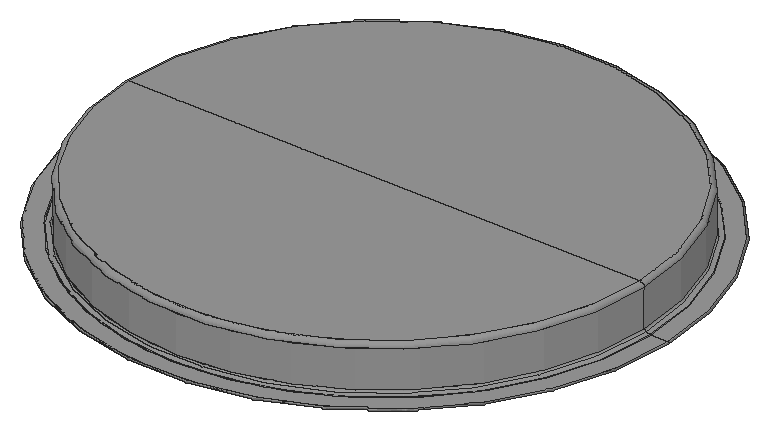
Revit family "MIA13_63_UN_Downlighter_ETK", category Lighting Fixtures, Revit 2017 (continued)
Definition of nested family "MIA.13 - Lightsource"
  Types (8, lengths in mm): name | Wattage | built-in parameter 1150134 | Photometric Web File | built-in parameter 1150142 | built-in parameter 1150105 | Lumens | built-in parameter 1150107 | built-in parameter 1150106
      8884 165.4661 159.6765 \r\n154.0902 148.9101 143.8315 138.9796 134.5183 130.0492 \r\n124.666 118.9624 113.2042 107.3834 101.5314 95.8903 90.9915 \r\n86.1005 80.9829 75.67 70.3414 64.966 59.575 54.1761 48.7694 \r\n43.3784 38.1358 33.4948 28.8538 24.1113 19.3062 14.6105 \r\n10.4461 6.6411 3.7425 2.8987 2.8362 2.7737 \r\n345.652 346.9724 346.7615 346.0974 344.9019 343.48 342.5268 \r\n342.2064 342.0111 341.9095 341.9408 341.972 340.9251 \r\n339.6828 338.0186 335.7997 333.2839 331.0337 329.3226 \r\n327.674 326.3927 325.502 324.5332 322.7283 320.6813 318.228 \r\n315.2434 312.0009 308.8601 305.9536 303.0471 300.6719 \r\n298.5389 296.3357 293.7495 290.9993 288.0381 284.7644 \r\n281.3267 277.6076 273.2479 268.8804 265.2082 261.7626 \r\n258.4733 255.4184 252.5041 249.1757 244.9879 240.6204 \r\n235.9637 230.8227 225.6895 221.1032 216.6966 212.5166 \r\n208.6726 205.0473 201.1642 196.3982 191.64 186.5146 \r\n181.1313 175.7481 170.6618 165.7083 160.8094 155.9809 \r\n151.1759 146.2614 140.972 135.6825 130.4321 125.1973 \r\n119.8844 114.2746 108.4772 102.7971 97.3826 92.0775 86.8896 \r\n82.0298 77.1779 71.8181 66.2317 60.661 55.2153 49.8789 \r\n44.5504 39.2531 33.9636 29.0882 24.6894 20.361 15.8684 \r\n11.2978 6.7193 2.133 0 0 0 \r\n345.652 344.9176 345.3629 345.9489 346.1286 345.8005 \r\n345.1988 344.23 342.5971 340.9876 339.6359 338.4874 \r\n337.4326 336.9873 336.7138 336.0966 335.0496 333.737 \r\n332.0416 329.5336 327.0255 324.2831 321.4626 318.9312 \r\n317.2748 316.0091 314.5011 312.626 310.5633 308.1256 \r\n304.977 301.8361 298.1014 294.1949 290.6399 287.7569 \r\n285.2567 282.7018 279.9984 277.2404 274.0761 270.3649 \r\n266.6536 262.6533 258.5749 254.4183 250.1602 245.8395 \r\n241.6986 238.1124 234.5261 230.8462 227.1115 223.244 \r\n218.6733 213.7667 208.7116 203.4143 198.0389 192.9057 \r\n188.4757 184.0534 179.8891 175.8497 171.5681 166.5208 \r\n160.9501 155.3168 149.5351 143.7612 138.3233 133.6354 \r\n128.9554 123.8612 118.5874 113.2042 107.6412 101.9533 \r\n96.3825 91.2649 86.1786 80.811 75.1543 69.4664 64.1066 \r\n58.9265 53.7229 48.4804 43.2299 38.0577 33.3229 28.5882 \r\n23.7284 18.7827 13.923 9.8133 6.2505 3.4846 2.5627 2.594 \r\n2.6252 \r\n345.652 346.4568 346.5193 346.488 346.1442 345.2848 \r\n344.1519 342.9018 341.4329 340.0188 339.1671 338.9874 \r\n338.7843 338.2374 337.5889 336.5732 335.034 333.2057 \r\n331.1977 328.7288 326.2521 324.0722 322.0408 320.1031 \r\n318.5327 317.1185 315.4778 313.462 311.2353 308.6647 \r\n305.2348 301.797 298.2811 294.7262 291.4681 288.9132 \r\n286.7958 284.4363 281.5845 278.5686 275.209 271.1852 \r\n267.1693 262.708 258.0827 253.7855 250.082 246.8005 \r\n243.4409 239.8312 236.2138 232.1041 227.5803 223.0096 \r\n218.5796 214.2199 209.6648 204.7582 199.6406 194.6558 \r\n190.2649 185.8661 181.6001 177.4045 173.0682 168.0444 \r\n162.5518 156.981 151.2384 145.4411 139.7765 134.5808 \r\n129.3851 124.4785 119.7359 114.8605 109.5945 103.9847 \r\n98.3202 92.4838 86.6005 81.1079 76.1544 71.2712 66.177 \r\n60.9657 55.7387 50.4727 45.1832 39.9641 35.3153 30.6743 \r\n25.838 20.8141 15.7903 11.4384 7.6022 3.7659 0 0 0 \r\n345.652 344.3941 343.5112 342.683 342.5346 342.9409 \r\n343.4409 343.6206 343.4018 343.0815 341.9017 340.4485 \r\n338.7765 336.6591 334.4324 332.8698 331.9322 331.0649 \r\n330.1195 329.0726 328.0334 326.0723 324.0409 321.6736 \r\n318.8999 315.9544 313.1104 310.3758 307.7506 305.5395 \r\n303.719 301.8283 299.1171 296.3044 293.2651 289.9914 \r\n286.5771 282.8893 278.7718 274.7402 271.3415 268.31 \r\n265.3098 262.4111 259.5437 256.1059 252.0353 247.6912 \r\n243.1206 238.1592 233.1979 229.1507 225.3223 221.4939 \r\n217.6108 213.7198 209.4773 204.766 199.9297 194.8824 \r\n189.5304 184.1785 179.4125 174.7637 170.0914 165.3879 \r\n160.661 155.7934 150.629 145.4723 140.4016 135.4246 \r\n130.3774 124.6113 118.6421 112.876 107.3756 102.0314 \r\n96.8904 92.2181 87.5459 82.233 76.6388 71.0134 65.4192 \r\n59.8484 54.3792 49.082 43.8941 38.9249 34.4558 29.9867 \r\n25.1113 20.0953 15.2746 10.9149 6.8521 3.8362 3.0393 2.6096 \r\n2.1799 \r\n345.652 343.1909 343.1362 343.4175 343.8941 344.4488 \r\n344.6363 344.2456 343.5503 342.5033 340.6047 338.6983 \r\n337.167 335.7762 334.6277 333.9792 333.6354 332.9557 \r\n331.5493 329.9555 327.9787 325.3379 322.7049 320.0719 \r\n317.4389 315.0559 313.1182 311.4775 309.7195 307.5553 \r\n305.391 302.8127 299.9062 296.9138 293.1948 289.1085 \r\n285.3504 282.1627 279.3187 276.4591 273.537 270.6227 \r\n267.3725 263.9269 260.2703 255.9575 251.1915 246.5896 \r\n242.3392 238.2452 234.3621 231.1118 227.8616 223.9237 \r\n219.6422 215.1106 210.1883 204.9301 199.7969 195.1168 \r\n190.5149 185.9833 181.5454 177.1232 172.3728 167.435 \r\n162.3486 156.981 151.379 145.8551 140.886 135.9169 130.7915 \r\n125.5332 120.2438 114.9777 109.7117 104.5316 99.5312 \r\n94.6246 89.6008 83.8034 77.9983 72.4353 67.0365 61.7939 \r\n56.981 52.5822 48.0506 42.9877 37.7451 32.5338 27.4162 \r\n22.3142 17.4936 12.8682 8.2897 3.7112 0 0 0 \r\n345.652 345.9255 345.8239 345.6676 345.1129 343.9878 \r\n342.5736 341.2767 340.2297 339.2531 338.7999 338.8624 \r\n338.8468 338.0498 337.0263 335.6903 333.948 331.9869 \r\n329.807 327.1506 324.4863 322.8143 321.5564 320.2985 \r\n318.8452 317.3139 315.3528 312.7588 309.8914 306.7271 \r\n302.9534 299.1796 296.281 293.6636 291.1946 288.9054 \r\n286.7255 284.1472 280.7485 277.1779 273.2479 268.7632 \r\n264.2785 260.4735 256.8873 253.4104 250.0977 246.8865 \r\n243.4565 239.2999 235.1356 230.8852 226.5646 222.1814 \r\n217.3607 212.3291 207.5162 203.094 198.9452 195.1715 \r\n192.7104 190.2571 187.8037 185.3426 180.6704 172.7869 \r\n163.2315 155.1449 149.9805 144.8238 139.8078 134.909 \r\n130.0102 125.1582 120.3219 115.1809 109.6258 103.8831 \r\n98.203 92.6791 87.1552 82.2408 77.592 72.8885 67.8491 \r\n62.6533 57.4029 52.0822 46.7458 41.4876 36.3935 31.2993 \r\n26.8068 22.533 18.3217 14.173 10.0555 6.7583 5.1801 3.8597 \r\n2.5393 \r\n345.652 345.8395 345.402 344.816 343.7925 342.5502 341.6048 \r\n341.1204 340.8782 340.6516 340.4641 340.2766 339.4718 \r\n338.3936 337.1045 335.3465 333.276 331.1821 329.057 326.963 \r\n325.2207 324.2597 323.2987 321.8689 320.2438 318.2983 \r\n315.7512 312.751 309.6414 306.1411 302.6174 299.8516 \r\n297.8592 295.9528 293.6323 291.1009 288.3038 285.0223 \r\n281.397 277.6467 273.287 268.9194 265.091 261.6298 258.278 \r\n255.059 251.9337 248.5897 244.7222 240.6047 236.4482 \r\n232.1197 227.7912 223.0956 218.1733 213.3135 208.8054 \r\n204.6332 200.4922 196.4997 192.5385 188.1788 183.1706 \r\n178.0764 172.6307 166.974 161.497 156.52 151.9962 147.449 \r\n142.6361 137.8155 132.7526 127.4396 122.0642 116.4857 \r\n110.7274 105.1488 100.0156 95.2184 90.4055 85.3739 80.3344 \r\n75.1856 69.9273 64.7004 59.8015 55.2465 50.6055 45.6129 \r\n40.4485 35.3856 30.6508 25.9552 21.6736 17.7123 13.8448 \r\n9.9773 6.1099 2.2424 0 \r\n345.652 342.644 342.5815 342.894 343.2456 343.6362 343.8862 \r\n343.6675 342.894 342.0267 340.4172 338.6436 336.9326 \r\n335.3543 333.8073 332.7291 332.0884 331.3696 330.2836 \r\n328.7991 327.3146 325.0332 322.7362 320.2125 317.4389 \r\n314.5715 312.0088 309.8133 307.6334 305.5551 303.5472 \r\n301.4689 298.9218 296.3122 293.1323 289.3976 285.4442 \r\n281.5532 277.7483 274.0527 271.1774 268.6929 265.9973 \r\n262.6455 259.1218 255.2699 251.0821 246.7302 242.1283 \r\n237.1513 232.1666 228.3772 224.7988 221.0954 217.1498 \r\n213.0948 208.7507 204.0003 199.2187 194.5074 189.8742 \r\n185.241 179.9906 174.6465 169.4976 164.63 159.9031 155.3168 \r\n150.9805 146.5818 141.6126 136.1825 130.7133 125.002 \r\n119.2124 113.6183 108.2506 103.0471 98.1249 93.7964 89.4601 \r\n84.3582 78.9905 73.6386 68.4428 63.3018 58.3796 53.762 \r\n49.2226 44.6285 39.9484 35.2606 30.6274 26.002 21.6111 \r\n17.6654 13.9855 10.579 7.7272 4.9457 2.1564 \r\n345.652 343.269 342.6518 342.2533 342.4096 342.9096 \r\n343.3081 343.3393 343.0268 342.5971 341.1517 339.6437 \r\n337.8936 335.8622 333.7683 332.5104 331.9244 331.2603 \r\n330.4086 329.4085 328.3069 326.0645 323.83 321.3298 \r\n318.6186 315.845 313.1573 310.5633 308.0944 306.1099 \r\n304.3597 302.4611 300.0781 297.6404 294.5308 290.8977 \r\n287.0927 283.1862 279.1702 275.2559 272.201 269.3492 \r\n266.4271 263.3956 260.3328 256.7076 252.5666 248.2616 \r\n243.6753 238.7843 233.9011 230.182 226.4943 222.7127 \r\n218.8296 214.884 210.618 205.9458 201.2657 196.5857 191.89 \r\n187.1396 181.9048 176.6154 171.5993 166.8568 162.1767 \r\n157.3326 152.2228 147.1443 142.2924 137.5342 132.5807 \r\n127.0177 121.2985 115.7981 110.5321 105.4223 100.5938 \r\n96.2106 91.8197 86.6318 81.2954 75.9825 70.7243 65.4973 \r\n60.6297 56.2466 51.8947 47.4334 42.8627 38.2921 33.737 \r\n29.1898 24.7519 20.4469 16.2044 11.9697 7.7272 3.4925 0 \r\n345.652 344.3628 344.5191 344.8629 344.7222 344.1206 \r\n343.269 342.0502 340.2844 338.628 337.7764 337.2842 336.831 \r\n336.4638 336.12 335.2606 333.862 332.2291 330.2992 327.9475 \r\n325.5957 323.1815 320.7594 318.6499 317.0716 315.7122 \r\n314.1574 312.3603 310.3992 307.8756 304.7113 301.5548 \r\n297.7811 293.9136 290.4446 287.4756 284.7644 282.1861 \r\n279.8422 277.4045 274.2089 270.4196 266.5443 262.122 \r\n257.5436 253.301 249.457 245.7926 242.1595 238.5733 \r\n234.9793 230.9165 226.7052 222.4549 218.1733 213.8761 \r\n209.2038 204.0003 198.7108 193.7417 189.3195 184.8973 \r\n180.3344 175.7325 171.0915 166.3958 161.6611 156.6294 \r\n150.9884 145.316 139.8469 134.6355 129.4164 124.8301 \r\n120.4391 115.759 110.6571 105.3051 99.9141 94.4293 88.9444 \r\n83.4987 78.0764 72.7791 68.2866 64.1769 59.8172 55.0668 \r\n50.1524 45.316 40.7297 36.1356 32.0025 28.0803 24.1816 \r\n20.2516 16.2903 12.4619 8.9226 5.4536 1.9923 \r\n345.652 346.3786 346.5661 346.7146 347.0193 347.3865 \r\n347.4412 346.9959 346.2614 345.2067 343.2299 341.2454 \r\n339.4718 337.7842 336.3388 335.5106 335.0809 334.3542 \r\n333.0026 331.4478 329.5336 326.8068 324.0878 321.072 \r\n317.9311 315.1652 313.1495 311.6806 310.0477 307.86 \r\n305.6333 302.8127 299.4218 295.945 292.2338 288.3975 \r\n284.7176 281.3423 278.1545 275.0059 272.0681 269.1304 \r\n265.5911 261.6611 257.6061 253.3948 249.0585 244.691 \r\n240.2453 235.784 231.4321 227.5334 223.6347 219.7125 \r\n215.7903 211.6337 206.8834 201.6017 196.3122 190.968 \r\n185.6161 180.7251 176.5529 172.4666 167.8256 162.8565 \r\n157.7389 152.4103 146.8865 141.3392 135.5887 129.8383 \r\n124.6738 120.1031 115.6575 110.8602 105.7739 100.7266 \r\n95.7653 90.8587 85.8739 80.186 74.4902 69.107 63.9581 \r\n58.9421 54.1917 49.7148 45.277 41.0188 36.8466 32.5807 \r\n28.0647 23.5175 19.3218 15.384 11.704 8.5632 6.0161 3.469 \r\n0.9219 \r\n345.652 348.9491 349.0663 348.7851 348.2381 347.1287 \r\n345.6754 344.3003 343.0815 341.9252 341.1595 341.0345 \r\n340.9173 340.1828 339.2374 337.9561 336.1513 333.987 \r\n331.7525 329.2601 326.7599 324.6972 322.9627 321.2673 \r\n319.5718 317.8686 315.9934 313.8292 311.454 308.8288 \r\n305.2035 301.5704 297.9452 294.6793 291.6478 288.7335 \r\n285.9598 283.3268 280.6 277.4904 274.2558 270.6696 266.3099 \r\n261.8564 257.4185 252.9963 248.7772 245.0895 241.972 \r\n238.7608 234.9246 230.9946 226.7521 222.0955 217.3373 \r\n212.1572 206.6099 201.2735 196.5622 192.4135 188.2569 \r\n183.7722 179.2874 174.4511 169.2867 164.0284 158.9577 \r\n154.098 149.121 143.6597 137.9014 132.2603 127.1037 \r\n122.0095 117.1967 112.626 108.0241 102.9768 97.3357 91.7181 \r\n86.2489 80.8344 75.4981 70.3414 65.2238 60.5047 56.1763 \r\n51.8634 47.3474 42.5893 37.8233 33.2526 28.7054 24.4316 \r\n20.5329 16.7904 13.1651 9.6961 6.227 2.7658 0 \r\n345.652 345.4411 345.9333 346.5193 346.8787 347.0506 \r\n347.0115 346.4411 345.2379 343.9566 342.1361 340.1672 \r\n338.4796 337.292 336.245 335.3387 334.5808 333.7058 \r\n332.4557 330.7837 329.1116 326.2442 323.3378 320.4625 \r\n317.6264 314.8215 312.4697 310.6805 308.8366 306.7974 \r\n304.5941 302.2736 298.9296 295.4684 291.6947 287.6084 \r\n283.5143 279.9828 277.3264 274.6308 271.6618 268.56 \r\n265.2629 261.3251 257.2076 252.7932 248.0663 243.3237 \r\n238.878 234.8855 230.893 227.0099 223.1346 219.0718 \r\n214.6418 210.0633 205.4457 200.7813 196.0466 191.0149 \r\n185.6317 180.2485 175.4356 170.7086 166.1067 161.6611 \r\n157.2779 152.5041 146.9959 141.4798 135.9091 130.2992 \r\n124.7051 119.3531 114.0636 109.0788 104.4847 99.9922 \r\n95.1793 89.6711 84.1628 78.6468 73.1229 67.7787 62.9815 \r\n58.4343 53.887 49.3398 44.7769 40.1438 35.3934 30.6352 \r\n26.3067 22.1111 18.0483 14.1808 10.4383 7.3053 5.4145 \r\n3.6565 1.8908 \r\n345.652 347.2615 347.7615 348.0897 347.699 346.9568 \r\n345.9411 344.4332 342.6674 341.1126 340.3703 339.6281 \r\n339.1827 338.8937 338.4952 337.4561 335.9716 334.2136 \r\n331.8306 329.221 326.6818 324.3691 322.0564 320.3532 \r\n318.9468 317.4467 315.5168 313.2432 310.8446 308.0397 \r\n305.1645 301.9064 298.1327 294.2964 291.1399 288.3819 \r\n285.6239 282.8033 279.9281 276.9982 273.6229 270.2477 \r\n266.2161 261.5986 256.8638 252.426 248.2225 244.2535 \r\n240.8782 237.8545 234.698 230.5571 226.4083 221.7595 \r\n216.7357 211.5634 206.2583 200.8126 195.6247 191.3821 \r\n187.499 183.405 178.8187 174.162 169.0913 163.7159 158.3405 \r\n153.1448 148.1522 143.1206 137.7529 132.3307 127.0724 \r\n122.0486 117.0873 112.2275 107.4615 102.5471 97.242 91.5462 \r\n85.8583 80.4594 75.0527 69.7789 64.6222 59.5437 54.7387 \r\n50.2539 45.7067 40.9173 35.9637 31.0259 26.1739 21.322 \r\n17.0873 13.4229 9.9617 6.4927 3.0315 0 0 \r\n345.652 346.7693 345.8473 344.6754 344.1831 344.0816 \r\n344.0503 344.1128 344.23 344.23 343.1987 342.1439 340.5344 \r\n338.4093 336.1669 334.1042 332.1822 330.4633 329.2367 \r\n328.3069 327.2834 325.5176 323.7597 321.6111 318.9155 \r\n316.0169 313.0401 309.9852 307.0084 304.3675 302.0783 \r\n299.7812 297.3748 294.9527 292.1009 288.7413 285.1395 \r\n281.4204 277.4904 273.5761 269.7789 266.0677 262.4189 \r\n259.028 255.7153 252.3557 248.9413 245.402 241.4095 236.581 \r\n231.7525 226.7208 221.6345 216.8841 212.9385 209.3445 \r\n205.391 200.9219 196.3044 191.5071 186.4364 181.3579 \r\n175.8262 170.193 164.841 159.9656 155.3559 150.6446 \r\n145.7379 140.8001 135.7059 130.4477 125.2051 120.2203 \r\n115.3059 110.1414 104.6097 98.8984 93.2807 87.8975 82.5143 \r\n77.5217 72.7088 67.8491 62.6768 57.356 52.1213 47.0271 \r\n41.9798 36.9169 31.8072 26.7052 22.2517 18.0405 14.0792 \r\n10.6336 7.5084 5.0707 4.0784 3.3596 2.6486 \r\n345.652 344.7222 344.7613 344.941 345.2535 345.6286 \r\n345.6676 345.191 344.4566 343.4487 341.7533 340.0578 \r\n338.2764 336.456 334.8934 333.948 333.401 332.6666 331.5728 \r\n330.3461 328.6741 326.1505 323.6268 320.611 317.4154 \r\n314.4699 312.0244 309.9227 307.8756 306.063 304.2503 \r\n301.7814 298.7343 295.5856 291.9525 288.085 284.3503 \r\n280.8344 277.467 274.1777 271.2399 268.3022 264.9738 \r\n261.411 257.7389 253.8636 249.8476 245.6129 240.8938 \r\n236.0106 231.3149 227.3303 223.3378 219.3062 215.259 \r\n211.1337 206.8365 202.383 197.742 192.4135 186.9365 \r\n181.5845 176.42 171.2712 166.8255 162.794 158.5514 153.762 \r\n148.5116 143.2221 137.6045 131.9712 126.5568 121.3376 \r\n116.1653 110.9071 105.5864 100.2578 94.9059 89.5304 84.1394 \r\n78.5999 73.0682 67.8256 62.8018 57.8248 52.6916 47.41 \r\n42.183 37.1201 32.1431 27.299 22.8299 18.4077 14.1417 \r\n10.0008 5.8833 1.7736 0 0 0 \r\n345.652 344.8238 345.2457 345.8317 346.0583 345.9098 \r\n345.527 344.7066 343.1987 341.6673 339.9719 338.1827 \r\n336.6513 336.0263 335.6512 334.9793 333.9792 332.7604 \r\n331.1274 328.8069 326.4864 323.7206 320.8688 318.2671 \r\n316.1888 314.3371 312.4541 310.5477 308.5788 306.3599 \r\n303.7894 301.2188 297.4373 293.4526 289.6242 286.0458 \r\n282.5924 279.3734 276.5841 273.787 270.8258 267.7319 \r\n264.5207 260.2625 255.6997 251.129 246.5427 242.0189 \r\n237.8701 234.5886 231.3149 227.4475 223.3456 219.064 \r\n214.2824 209.2742 204.3128 199.4218 194.5621 189.7414 \r\n185.0066 180.2719 175.5528 170.8415 165.9739 160.8173 \r\n155.4887 150.2617 145.2535 140.2453 135.0262 129.4867 \r\n123.9472 118.6343 113.3995 108.2272 103.1643 98.1639 \r\n92.9604 87.1162 81.272 75.545 69.9039 64.38 59.6062 55.1996 \r\n50.5508 45.4879 40.2141 34.9168 29.5336 24.1503 19.1109 \r\n14.2355 9.8523 6.8677 4.8363 3.3596 3.1252 3.2815 3.4378 \r\n345.652 345.8708 344.8082 343.8706 343.2768 342.8237 \r\n342.7455 343.1206 343.3393 342.9643 342.1283 341.1829 \r\n339.4406 337.5967 335.5653 333.3542 331.1821 329.6117 \r\n328.9319 328.1741 326.7755 325.0801 323.2284 320.9157 \r\n318.478 315.6418 312.3916 309.1413 306.3052 304.0863 \r\n301.8673 299.75 297.6561 295.1949 292.1009 288.7413 \r\n285.0535 280.936 276.8498 273.1542 269.9352 266.724 \r\n263.6065 260.5047 257.0982 253.2854 249.246 244.9019 \r\n2
      39.9797 235.1043 230.604 226.3927 222.2283 218.3452 \r\n214.5402 210.4461 206.0005 201.3829 196.7497 192.0853 \r\n187.4131 182.1705 176.7326 171.3806 166.3724 161.5126 \r\n156.8326 152.4103 147.9725 143.0659 137.2842 131.4946 \r\n125.6114 119.7047 113.8995 108.321 102.8674 97.617 92.7729 \r\n87.9366 82.8112 77.2717 71.7322 66.0911 60.411 54.9809 \r\n49.9492 45.152 40.2844 35.2059 30.1352 25.0801 20.0484 \r\n15.134 11.0477 7.3678 3.6878 0 0 0 0 \r\n345.652 347.0896 345.9958 344.5816 343.4253 342.6049 \r\n341.972 341.6517 341.8939 342.0658 341.6517 340.7532 \r\n339.7297 337.8467 335.7294 333.5495 331.2993 329.096 \r\n327.3224 326.4552 325.5879 324.1034 322.4002 320.4625 \r\n317.9076 315.0715 312.1025 308.9382 305.7895 302.9221 \r\n300.6016 298.2811 295.8591 293.4135 290.7962 287.8741 \r\n284.7801 281.2798 276.9357 272.5525 268.4975 264.8801 \r\n261.2626 257.8561 254.5121 251.0977 247.574 243.9566 \r\n240.0031 235.0496 230.1039 225.2129 220.361 215.634 \r\n211.7431 208.2428 204.3988 199.9687 195.234 190.3586 \r\n185.0379 179.7094 174.623 169.6304 164.6769 159.7859 \r\n154.9262 149.9961 144.9019 139.7453 134.448 128.8304 \r\n123.2206 117.7983 112.4619 107.0709 101.547 95.9137 90.3196 \r\n84.8348 79.3578 74.1777 69.2945 64.4503 59.1843 53.7073 \r\n48.2538 42.8393 37.4717 32.2291 27.6193 23.0096 18.3374 \r\n13.6183 9.1648 6.2505 4.4535 3.0862 2.7111 2.8049 2.8987 \r\n" | 143.24 (stored number, unit not read) | 1800 lm | 3000 (stored number, unit not read) | 1.4324 (stored number, unit not read)
